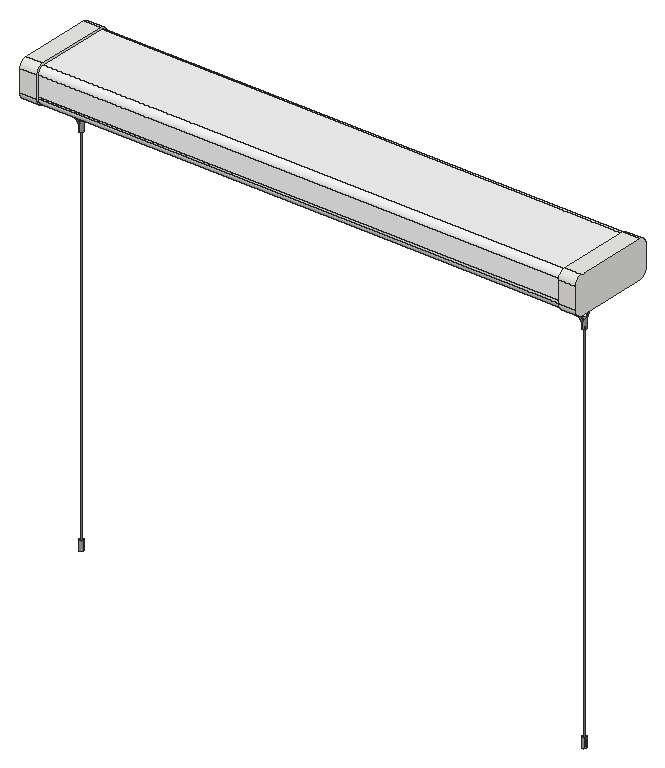
Revit family "Thorn COLLEGE 2", category Lighting Fixtures, host Face, Revit 2023
Family settings
  Host = Face
  Round Connector Dimension = Use Diameter
  Part Type = Normal
  Cut with Voids When Loaded = No
  Light Source = Yes
  Maintain Annotation Orientation = No
  Shared = No
  Room Calculation Point = Yes
Parameters (values of type "COLLEGE2 3000-840 HF L1200")
  Wattage = 24.9286 W
  built-in parameter 1150110 = 1 (stored number, unit not read)
  Visibility Suspension = and(not(Ceiling Mounted), not(Besa Mounted), Suspended)  # yes
  Visibility Contus = and(not(Ceiling Mounted), not(Besa Mounted), not(Suspended), Contus Track Mounted)  # no
  Visibility Besa = and(not(Ceiling Mounted), Besa Mounted)  # no
  URL = "https://www.thornlighting.com/en/products/indoor-lighting/surface-and-suspended-luminaires/College_2"
  Type Image = COLLEGE 2.jpg
  built-in parameter 1114217 = 1 (stored number, unit not read)
  Tilt Angle = -90.00°  # constant formula
  built-in parameter 1150109 = 1 (stored number, unit not read)
  built-in parameter 1150134 = 12
  Suspension Height [instance] = 1000 mm
  Suspension Cord [instance] = if(Visibility Suspension, Offset Suspension - 77.01 mm, 200 mm)  # 922.99 mm
  Suspended = yes
  built-in parameter 1150113 = 1 (stored number, unit not read)
  SELECT MOUNTING OPTION = "SELECT MOUNTING OPTION"  # constant formula
  SELECT HOUSING TYPE = "SELECT HOUSING TYPE"  # constant formula
  Power Factor = 0.95
  Photometric Web File = "96637268_(STD).IES"
  Offset Suspension [instance] = if(Suspension Height < 250 mm, 250 mm, if(Suspension Height > 3000 mm, 3000 mm, Suspension Height))  # 1000 mm
  Offset [instance] = if(Ceiling Mounted, 80 mm, if(Besa Mounted, 97 mm, if(Suspended, Offset Suspension, if(Contus Track Mounted, 105 mm, 80 mm))))  # 1000 mm
  Model = "96637268"
  Manufacturer = "Thorn Lighting"  # constant formula
  built-in parameter 1150105 = 277.73 (stored number, unit not read)
  Lumens = 3490 lm
  Luminaire Width = 195.32 mm  # constant formula
  Luminaire Length = if(Housing L1200, 1242 mm, if(Housing L1500, 1542 mm, 1242 mm))  # 1242 mm
  Luminaire Height = 82.32 mm  # constant formula
  built-in parameter 1150115 = 1 (stored number, unit not read)
  built-in parameter 1150137 = (empty or 0)
  built-in parameter 1150139 = (empty or 0)
  built-in parameter 1150112 = 1 (stored number, unit not read)
  built-in parameter 1150114 = 1 (stored number, unit not read)
  built-in parameter 1150132 = 2
  built-in parameter 1150102 = (empty or 0)
  built-in parameter 1150107 = 4000 (stored number, unit not read)
  built-in parameter 1150138 = (empty or 0)
  built-in parameter 1150106 = 2.7773 (stored number, unit not read)
  Housing L1500 = no
  Housing L1200 = yes
  Emit from Rectangle Width = 190 mm  # constant formula
  Emit from Rectangle Length = Luminaire Length - 75.5 mm  # 1166.5 mm
  Emit Shape Visible in Rendering = 0 > 1  # no
  built-in parameter 1150104 = 13.006 (stored number, unit not read)
  Dimming Lamp Color Temperature Shift = <None>
  Description = "Surface / Suspended LED Luminaire"  # constant formula
  Default Elevation = 0 mm  # constant formula
  Suspension Cord Distance = if(Housing L1200, 1125 mm, if(Housing L1500, 1425 mm, 1125 mm))  # 1125 mm
  Contus Track Mounted = no
  Color Filter = 16777215
  Ceiling Mounted = no
  Besa Mounted = no
  built-in parameter 1114218 = 1 (stored number, unit not read)
  built-in parameter 1150133 = 10 (stored number, unit not read)
  Assembly Code = "Pr_70_60_48_45"
  Apparent Load = 24.9 VA
Types (11, lengths in mm): name | Wattage | Photometric Web File | Model | built-in parameter 1150105 | Lumens | Luminaire Length | built-in parameter 1150106 | Housing L1500 | Housing L1200 | Emit from Rectangle Length | built-in parameter 1150104 | Suspension Cord Distance | Apparent Load
  (no name) | 24.9286 W | "96637268_(STD).IES" | "96637268" | 277.73 (stored number, unit not read) | 3490 lm | 1242 | 2.7773 (stored number, unit not read) | no | yes | 1166.5 | 13.006 (stored number, unit not read) | 1125 | 24.9 VA
  COLLEGE2 3000-840 HF L1200 | 24.9286 W | "96637268_(STD).IES" | "96637268" | 277.73 (stored number, unit not read) | 3490 lm | 1242 | 2.7773 (stored number, unit not read) | no | yes | 1166.5 | 13.006 (stored number, unit not read) | 1125 | 24.9 VA
  COLLEGE2 3000-840 HF L1500 | 23.0556 W | "96637270_(STD).IES" | "96637270" | 264.2 (stored number, unit not read) | 3320 lm | 1542 | 2.642 (stored number, unit not read) | yes | no | 1466.5 | 13.378 (stored number, unit not read) | 1425 | 23 VA
  COLLEGE2 4300-840 HF L1200 | 31.5441 W | "96637269_(STD).IES" | "96637269" | 341.39 (stored number, unit not read) | 4290 lm | 1242 | 3.4139 (stored number, unit not read) | no | yes | 1166.5 | 12.635 (stored number, unit not read) | 1125 | 31.5 VA
  COLLEGE2 4600-840 HF L1500 | 30.4895 W | "96637271_(STD).IES" | "96637271" | 346.96 (stored number, unit not read) | 4360 lm | 1542 | 3.4696 (stored number, unit not read) | yes | no | 1466.5 | 13.285 (stored number, unit not read) | 1425 | 30.5 VA
  COLLEGE2 6500-840 HF L1500 | 47.5188 W | "96637272_(STD).IES" | "96637272" | 502.93 (stored number, unit not read) | 6320 lm | 1542 | 5.0293 (stored number, unit not read) | yes | no | 1466.5 | 12.356 (stored number, unit not read) | 1425 | 47.4 VA
  COLLEGE2 3000-840 HFIX L1200 | 25.2899 W | "96800065_(STD).IES" | "96800065" | 277.73 (stored number, unit not read) | 3490 lm | 1242 | 2.7773 (stored number, unit not read) | no | yes | 1166.5 | 12.821 (stored number, unit not read) | 1125 | 25.2 VA
  COLLEGE2 3000-840 HFIX L1500 | 23.7143 W | "96800067_(STD).IES" | "96800067" | 264.2 (stored number, unit not read) | 3320 lm | 1542 | 2.642 (stored number, unit not read) | yes | no | 1466.5 | 13.006 (stored number, unit not read) | 1425 | 23.7 VA
  COLLEGE2 4300-840 HFIX L1200 | 31.5441 W | "96800066_(STD).IES" | "96800066" | 341.39 (stored number, unit not read) | 4290 lm | 1242 | 3.4139 (stored number, unit not read) | no | yes | 1166.5 | 12.635 (stored number, unit not read) | 1125 | 31.6 VA
  COLLEGE2 4600-840 HFIX L1500 | 31.3669 W | "96800068_(STD).IES" | "96800068" | 346.96 (stored number, unit not read) | 4360 lm | 1542 | 3.4696 (stored number, unit not read) | yes | no | 1466.5 | 12.914 (stored number, unit not read) | 1425 | 31.4 VA
  COLLEGE2 6500-840 HFIX L1500 | 47.5188 W | "96637272_(STD).IES" | "96800069" | 502.93 (stored number, unit not read) | 6320 lm | 1542 | 5.0293 (stored number, unit not read) | yes | no | 1466.5 | 12.356 (stored number, unit not read) | 1425 | 47.6 VA
Reference planes
  plane 1 "Center (Front/Back)": y = 0
  plane 2: z = 0
  plane 3 "Center (Left/Right)": x = 0
  plane 4: x = -621
  plane 5: x = 621
  plane 6: y = 97.66
  plane 7: y = -97.66
  plane 8: z = 1000
  plane 9: x = -562.5
  plane 10: x = 562.5
  plane 11: x = -583.25
  plane 12: x = 583.25
Lines and regions (mm)
  Filled region 1, type "White"
    outline origin (0, 0, 0) x (1, 0, 0) y (0, 1, 0)
      loop
        line (-583.25, 95) -> (-583.25, -95) -> (583.25, -95) -> (583.25, 95) -> (-583.25, 95)
  Filled region 2, type "White"
    outline origin (0, 0, 0) x (1, 0, 0) y (0, 1, 0)
      loop
        line (-621, 97.66) -> (-621, -97.66) -> (-583.25, -97.66) -> (-583.25, 97.66) -> (-621, 97.66)
  Filled region 3, type "White"
    outline origin (0, 0, 0) x (-1, 0, 0) y (0, -1, 0)
      loop
        line (-621, -97.66) -> (-583.25, -97.66) -> (-583.25, 97.66) -> (-621, 97.66) -> (-621, -97.66)
Dimensions and locks
  equal spacing: plane 4, plane 3 "Center (Left/Right)", plane 5
  "Luminaire Length": plane 4 to plane 5
  equal spacing: plane 7, plane 1 "Center (Front/Back)", plane 6
  "Luminaire Width": plane 7 to plane 6
  "Offset": plane 8 to level
  equal spacing: plane 9, plane 3 "Center (Left/Right)", plane 10
  "Suspension Cord Distance": plane 9 to plane 10
  locked: plane 4 to plane 11 at 37.75
  locked: plane 5 to plane 12 at 37.75
  aligned and locked: plane 2 to host face
  aligned and locked: level to host face
  aligned and locked: plane 8 to imposter light
  aligned and locked: plane 3 "Center (Left/Right)" to nested 1
  aligned and locked: plane 1 "Center (Front/Back)" to nested 1
  aligned and locked: nested 2 to plane 9
  aligned and locked: nested 2 to plane 1 "Center (Front/Back)"
  aligned and locked: plane 10 to nested 3
  aligned and locked: plane 1 "Center (Front/Back)" to nested 3
  aligned and locked: plane 3 "Center (Left/Right)" to nested 4
  aligned and locked: nested 4 to plane 1 "Center (Front/Back)"
  aligned and locked: imposter light to plane 3 "Center (Left/Right)"
  aligned and locked: imposter light to plane 1 "Center (Front/Back)"
  aligned and locked: Filled region 1 sketch curve to plane 12
  aligned and locked: Filled region 1 sketch curve to plane 11
  aligned and locked: Filled region 2 sketch curve to plane 6
  aligned and locked: Filled region 2 sketch curve to plane 7
  aligned and locked: plane 11 to Filled region 2 sketch curve
  aligned and locked: plane 4 to Filled region 2 sketch curve
  aligned and locked: Filled region 3 sketch curve to plane 12
  aligned and locked: plane 6 to Filled region 3 sketch curve
  aligned and locked: plane 7 to Filled region 3 sketch curve
Automatic sketch dimensions
  host sketch curve to host sketch curve = 2438.4 mm  (x2)
  Filled region 1 sketch curve to plane 7 = 2.66 mm
  Filled region 1 sketch curve to plane 6 = 2.66 mm
  Filled region 3 sketch curve to plane 5 = 0 mm
Nested families
  nested 1: "Thorn-Parts-College 2-Housing-LOD 300" at (0, 0, 922.99) x (1, 0, 0) z (0, 0, -1), Housing L1200 <- "Housing L1200", Housing L1500 <- "Housing L1500", type "00"
    with Housing L1500 no, Housing L1200 yes, A 1242 mm
  nested 2: "Thorn-Parts-College 2-Suspension-LOD 300" at (-562.5, 0, 0) x (1, 0, 0) z (0, 0, -1), visible <- "Visibility Suspension", Offset From Ceiling <- "Suspension Cord", type "00"
    with Offset From Ceiling 922.99 mm, H 922.99 mm
  nested 3: "Thorn-Parts-College 2-Suspension-LOD 300" at (562.5, 0, 0) x (-1, 0, 0) z (0, 0, -1), visible <- "Visibility Suspension", Offset From Ceiling <- "Suspension Cord", type "00"
    with Offset From Ceiling 922.99 mm, H 922.99 mm
  nested 4: "Thorn-Parts-College 2-Mounting Part-LOD 300" at (0, 0, 0) x (1, 0, 0) z (0, 0, -1), Visibility Besa <- "Visibility Besa", Visibility Contus <- "Visibility Contus", type "00"
    with Visibility Contus no, Visibility Besa no
Connectors
  electrical at (-602.125, 0, 0), driven by "Apparent Load", driven by "Power Factor"
    settings: on Filled region 2, index 1, voltage 230 V, apparent load 24.9 VA, apparent load phase1 0 VA, apparent load phase2 0 VA, apparent load phase3 0 VA, power factor 0.95, load classification "Lighting", number of poles 1, system type 30, power factor state 1, is connector primary yes, connector utility no, sub classification motor no, connector description ""
Definition of nested family "Thorn-Parts-College 2-Housing-LOD 300"
  Parameters (values of type "00")
    Material Plastic = none
    Material Cover = none
    Housing L1500 [instance] = no
    Housing L1200 [instance] = yes
    Material Housing = none
    Manufacturer = "Thorn Lighting"  # constant formula
    Default Elevation = 0 mm  # constant formula
    C = 82.32 mm  # constant formula
    B = 195.32 mm  # constant formula
    A [instance] = if(Housing L1200, 1242 mm, if(Housing L1500, 1542 mm, 1242 mm))  # 1242 mm
  Reference planes
    plane 1 "Center (Front/Back)": y = 0
    plane 2: z = 0
    plane 3 "Center (Left/Right)": x = 0
    plane 4: x = -621
    plane 5: x = 621
    plane 6: x = -583.25
    plane 7: x = 583.25
  Forms (mm)
    Extrusion 1, solid, material <- "Material Cover"
      sketch origin (0, 0, 922.99) x (0, 1, 0) y (0, 0, 1)
        loop
          line (95, -942.134) -> (-95, -942.134) -> (-95, -985.99)
          arc (-95, -985.99) -> (-90.899, -995.889) -> (-81, -999.99) r 14
          line (-81, -999.99) -> (81, -999.99)
          arc (81, -999.99) -> (90.899, -995.889) -> (95, -985.99) r 14
          line (95, -985.99) -> (95, -942.134)
      from -583.25 to 583.25
    Extrusion 2, solid, material <- "Material Housing"
      sketch origin (0, 0, 922.99) x (0, 1, 0) y (0, 0, 1)
        loop
          arc (95, -936.99) -> (90.899, -927.09) -> (81, -922.99) r 14
          line (81, -922.99) -> (-81, -922.99)
          arc (-81, -922.99) -> (-90.899, -927.09) -> (-95, -936.99) r 14
          line (-95, -936.99) -> (-95, -942.134) -> (95, -942.134) -> (95, -936.99)
      from -583.25 to 583.25
    Extrusion 3, solid, material <- "Material Plastic"
      sketch origin (-621, 889.358, 1200) x (0, 1, 0) y (0, 0, 1)
        loop
          arc (-791.698, -1214) -> (-796.578, -1202.22) -> (-808.358, -1197.34) r 16.66
          line (-808.358, -1197.34) -> (-970.358, -1197.34)
          arc (-970.358, -1197.34) -> (-982.139, -1202.22) -> (-987.018, -1214) r 16.66
          line (-987.018, -1214) -> (-987.018, -1263)
          arc (-987.018, -1263) -> (-982.139, -1274.78) -> (-970.358, -1279.66) r 16.66
          line (-970.358, -1279.66) -> (-808.358, -1279.66)
          arc (-808.358, -1279.66) -> (-796.578, -1274.78) -> (-791.698, -1263) r 16.66
          line (-791.698, -1263) -> (-791.698, -1214)
      from 0 to 37.75
    Extrusion 4, solid, material <- "Material Plastic"
      sketch origin (621, 889.358, 1200) x (0, 1, 0) y (0, 0, -1)
        loop
          line (-791.698, 1214) -> (-791.698, 1263)
          arc (-791.698, 1263) -> (-796.578, 1274.78) -> (-808.358, 1279.66) r 16.66
          line (-808.358, 1279.66) -> (-970.358, 1279.66)
          arc (-970.358, 1279.66) -> (-982.139, 1274.78) -> (-987.018, 1263) r 16.66
          line (-987.018, 1263) -> (-987.018, 1214)
          arc (-987.018, 1214) -> (-982.139, 1202.22) -> (-970.358, 1197.34) r 16.66
          line (-970.358, 1197.34) -> (-808.358, 1197.34)
          arc (-808.358, 1197.34) -> (-796.578, 1202.22) -> (-791.698, 1214) r 16.66
      from 0 to 37.75
  Dimensions and locks
    equal spacing: plane 4, plane 3 "Center (Left/Right)", plane 5
    "A": plane 4 to plane 5
    locked: plane 7 to plane 5 at 37.75
    locked: plane 4 to plane 6 at 37.75
    Extrusion 2 to Extrusion 1 sketch curve = 77 mm
    aligned and locked: level to plane 2
    aligned and locked: Extrusion 2 to plane 6
    aligned and locked: Extrusion 1 to plane 6
    aligned and locked: Extrusion 2 to plane 7
    aligned and locked: Extrusion 1 to plane 7
    aligned and locked: plane 6 to Extrusion 3
    aligned and locked: Extrusion 4 to plane 5
    aligned and locked: plane 7 to Extrusion 4
  Automatic sketch dimensions
    plane 1 "Center (Front/Back)" to Extrusion 1 sketch curve = 95 mm
    Extrusion 1 sketch curve to Extrusion 1 sketch curve = 14 mm  (x2)
    Extrusion 1 sketch curve to plane 1 "Center (Front/Back)" = 81 mm
    Extrusion 1 sketch curve to level = 19.144 mm
    Extrusion 2 sketch curve to level = 0 mm
    Extrusion 2 sketch curve to level = 14 mm
    plane 1 "Center (Front/Back)" to Extrusion 2 sketch curve = 95 mm
    Extrusion 2 sketch curve to plane 1 "Center (Front/Back)" = 81 mm
    Extrusion 2 sketch curve to Extrusion 2 sketch curve = 14 mm
    Extrusion 2 sketch curve to Extrusion 2 sketch curve = 5.144 mm
    plane 1 "Center (Front/Back)" to Extrusion 3 sketch curve = 97.66 mm
    Extrusion 3 sketch curve to Extrusion 3 sketch curve = 16.66 mm  (x3)
    level to Extrusion 3 sketch curve = 2.66 mm
    Extrusion 3 sketch curve to level = 14 mm
    Extrusion 3 sketch curve to plane 1 "Center (Front/Back)" = 81 mm
    Extrusion 3 sketch curve to Extrusion 3 sketch curve = 49 mm
    Extrusion 4 sketch curve to plane 1 "Center (Front/Back)" = 97.66 mm
    Extrusion 4 sketch curve to Extrusion 4 sketch curve = 16.66 mm  (x3)
    Extrusion 4 sketch curve to level = 2.66 mm
    level to Extrusion 4 sketch curve = 14 mm
    plane 1 "Center (Front/Back)" to Extrusion 4 sketch curve = 81 mm
    Extrusion 4 sketch curve to Extrusion 4 sketch curve = 49 mm
Definition of nested family "Thorn-Parts-College 2-Suspension-LOD 300"
  Parameters (values of type "00")
    Offset From Ceiling [instance] = 500 mm
    Manufacturer = "Thorn Lighting"  # constant formula
    H [instance] = if(Offset From Ceiling < 150 mm, 150 mm, if(Offset From Ceiling > 3000 mm, 3000 mm, Offset From Ceiling))  # 500 mm
    Default Elevation = 0 mm  # constant formula
  Reference planes
    plane 1 "Center (Front/Back)": y = 0
    plane 2: z = 0
    plane 3 "Center (Left/Right)": x = 0
    plane 4: z = -500
    plane 5: z = -483
    plane 6: z = -433
  Forms (mm)
    Extrusion 1, solid
      sketch origin (-562.5, 0, 0) x (-1, 0, 0) y (0, -1, 0)
        loop
          circle (-562.5, 0) r 5
      from 0 to -20
    Sweep 2, solid
      path origin (0, 0, 0) x (0, 1, 0) y (0, 0, 1)
        loop
          line (-35, -484.5) -> (-35, -483) -> (-6.132, -433) -> (6.132, -433) -> (35, -483) -> (35, -484.5)
      profile origin (0, 0, -433) x (0, 0, 1) y (1, 0, 0)
        loop
          circle (0, 0) r 1
    Sweep 3, solid
      path origin (0, 0, 0) x (0, 1, 0) y (0, 0, 1)
        loop
          line (0, -433) -> (0, 0)
      profile origin (0, 0, -216.5) x (0, -1, 0) y (1, 0, 0)
        loop
          circle (0, 0) r 1
    Extrusion 4, solid
      sketch origin (0, 0, 0) x (0, 1, 0) y (0, 0, 1)
        loop
          line (41.5, -500) -> (50, -500) -> (50, -498.5) -> (43, -498.5) -> (43, -483) -> (-43, -483) -> (-43, -498.5) -> (-50, -498.5) -> (-50, -500) -> (-41.5, -500) -> (-41.5, -484.5) -> (41.5, -484.5) -> (41.5, -500)
      from 20 to -20
    Extrusion 5, solid
      sketch origin (0, 558.205, -433) x (0, 1, 0) y (-1, 0, 0)
        loop
          circle (-558.205, 0) r 5
      from -3 to 17
  Dimensions and locks
    locked: plane 6 to plane 5 at 50
    locked: plane 5 to plane 4 at 17
    "H": level to plane 4
    aligned and locked: level to plane 2
    aligned and locked: plane 6 to Sweep 2 sketch curve
    aligned and locked: plane 5 to Sweep 2 sketch curve  (x2)
    aligned and locked: plane 4 to Extrusion 4 sketch curve
    aligned and locked: Extrusion 4 sketch curve to plane 4
    aligned and locked: Extrusion 4 sketch curve to plane 5
    aligned and locked: plane 6 to Sweep 3 sketch curve
    aligned and locked: level to Sweep 3 sketch curve
  Automatic sketch dimensions
    plane 1 "Center (Front/Back)" to Extrusion 1 sketch curve = 0 mm
    Extrusion 1 sketch curve to plane 3 "Center (Left/Right)" = 0 mm
    plane 1 "Center (Front/Back)" to Sweep 2 sketch curve = 35 mm
    plane 1 "Center (Front/Back)" to Sweep 2 sketch curve = 6.132 mm
    Sweep 2 sketch curve to plane 1 "Center (Front/Back)" = 6.132 mm
    Sweep 2 sketch curve to plane 1 "Center (Front/Back)" = 35 mm
    Sweep 2 sketch curve to Sweep 2 sketch curve = 1.5 mm  (x2)
    Sweep 2 sketch curve to plane 3 "Center (Left/Right)" = 0 mm
    Sweep 2 sketch curve to profile plane = 0 mm
    Sweep 3 sketch curve to plane 1 "Center (Front/Back)" = 0 mm
    Sweep 3 sketch curve to plane 3 "Center (Left/Right)" = 0 mm
    Sweep 3 sketch curve to profile plane = 0 mm
    plane 1 "Center (Front/Back)" to Extrusion 4 sketch curve = 50 mm
    plane 4 to Extrusion 4 sketch curve = 1.5 mm  (x2)
    Extrusion 4 sketch curve to Extrusion 4 sketch curve = 7 mm  (x2)
    Extrusion 4 sketch curve to Extrusion 4 sketch curve = 1.5 mm  (x2)
    Extrusion 4 sketch curve to plane 5 = 1.5 mm
    Extrusion 4 sketch curve to plane 1 "Center (Front/Back)" = 41.5 mm
    plane 1 "Center (Front/Back)" to Extrusion 5 sketch curve = 0 mm
    Extrusion 5 sketch curve to plane 3 "Center (Left/Right)" = 0 mm
    radius of Extrusion 1 sketch curve = 5 mm
    radius of Sweep 2 sketch curve = 1 mm
    radius of Sweep 3 sketch curve = 1 mm
    radius of Extrusion 5 sketch curve = 5 mm
